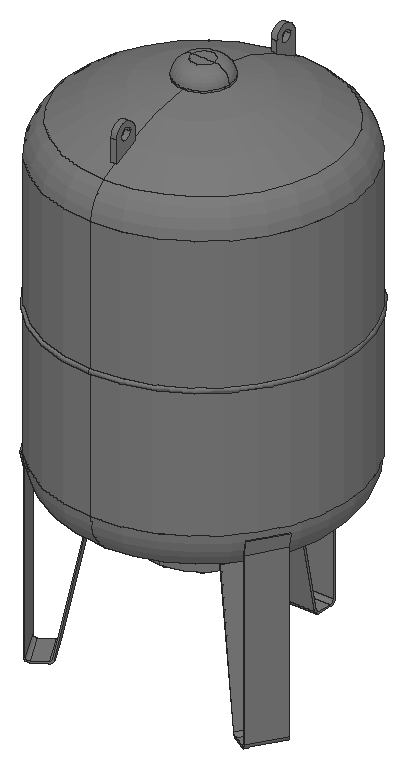
Revit family "MIT-50-ET (Vertical)", category Specialty Equipment, Revit 2022
Family settings
  Round Connector Dimension = Use Diameter
  Part Type = Normal
  Work Plane-Based = No
  Always vertical = Yes
  Cut with Voids When Loaded = No
  Maintain Annotation Orientation = No
  Shared = No
  Room Calculation Point = No
Parameters
  URL = "https://en.ekinendustriyel.com/expansion-tanks"
  Test Pressure = 15.0 bar
  Production Standard = "TS EN 13831"
  Precharge Pressure = 4.0 bar
  Operating Pressure = 10.0 bar
  Model = "MIT-50-ET_(Vertical)"
  Manufacturer = "Ekin Endüstriyel"
  Keynote = "Expension Tank"
  Description = "MIT-Expension Tank"
  Default Elevation = 0 mm
Reference planes
  plane 1 "Center (Front/Back)": y = 0
  plane 2: z = 0
  plane 3 "Center (Left/Right)": x = 0
Forms (mm)
  Revolve 1, solid, material "Ekin Endustriyel-S235JR", detail levels medium+fine
    sketch origin (0, -3850, 0) x (0, 1, 0) y (0, 0, 1)
      loop
        line (3850, 710.016) -> (3850, 708.816) -> (3882.856, 708.816)
        arc (3882.856, 708.816) -> (3953.172, 691.611) -> (4017.445, 658.307) r 304.726
        arc (4017.445, 658.307) -> (4032.24, 640.032) -> (4038.8, 617.453) r 59.499
        line (4038.8, 617.453) -> (4038.8, 261.494)
        arc (4038.8, 261.494) -> (4032.205, 234.922) -> (4013.949, 214.518) r 56.826
        arc (4013.949, 214.518) -> (3968.225, 189.267) -> (3918.616, 172.916) r 280.99
        arc (3918.616, 172.916) -> (3912.099, 168.85) -> (3905.247, 165.378) r 86.505
        line (3905.247, 165.378) -> (3850, 165.378) -> (3850, 164.178) -> (3905.505, 164.178)
        arc (3905.505, 164.178) -> (3912.476, 167.685) -> (3919.107, 171.797) r 87.705
        arc (3919.107, 171.797) -> (3968.809, 188.213) -> (4014.625, 213.526) r 282.19
        arc (4014.625, 213.526) -> (4033.265, 234.361) -> (4040, 261.494) r 58.026
        line (4040, 261.494) -> (4040, 434.497)
        arc (4040, 434.497) -> (4043.004, 437.497) -> (4040, 440.497) r 3
        line (4040, 440.497) -> (4040, 617.503)
        arc (4040, 617.503) -> (4033.302, 640.591) -> (4018.166, 659.267) r 60.699
        arc (4018.166, 659.267) -> (3953.586, 692.738) -> (3882.929, 710.016) r 305.926
        line (3882.929, 710.016) -> (3850, 710.016)
      axis (3850, 164.178) -> (3850, 710.016)
    angle from 0 to 360
  Extrusion 2, solid, material "Ekin Endustriyel-S235JR", detail levels coarse
    sketch origin (1330, -1405, 122.178) x (1, 0, 0) y (0, 1, 0)
      loop
        circle (-1330, 1405) r 73.5
    from 31 to 42.174
  Revolve 3, solid, material "Ekin Endustriyel-S235JR", detail levels fine
    sketch origin (1330, 0, 122.178) x (1, 0, 0) y (0, 0, 1)
      loop
        line (-1345.4, 0) -> (-1345.4, 31) -> (-1350.491, 31)
        arc (-1350.491, 31) -> (-1349.8, 30.575) -> (-1349.649, 29.778) r 1.003
        line (-1349.649, 29.778) -> (-1348.533, 28.872) -> (-1349.76, 27.876) -> (-1348.533, 26.88) -> (-1349.76, 25.883) -> (-1348.533, 24.887) -> (-1349.76, 23.891) -> (-1348.533, 22.895) -> (-1349.76, 21.898) -> (-1348.533, 20.902) -> (-1349.76, 19.906) -> (-1348.533, 18.91) -> (-1349.76, 17.914) -> (-1348.533, 16.917) -> (-1349.76, 15.921) -> (-1348.533, 14.925) -> (-1349.76, 13.929) -> (-1348.533, 12.932) -> (-1349.76, 11.936) -> (-1348.533, 10.94) -> (-1349.76, 9.944) -> (-1348.533, 8.948) -> (-1349.76, 7.951) -> (-1348.533, 6.955) -> (-1349.76, 5.959) -> (-1348.533, 4.963) -> (-1349.76, 3.966) -> (-1348.533, 2.97) -> (-1349.76, 1.974) -> (-1348.533, 0.978) -> (-1349.737, 0) -> (-1345.4, 0)
      axis (-1330, 31) -> (-1330, 0)
    angle from 0 to 360
  Revolve 4, solid, material "Ekin Endustriyel-S235JR", detail levels medium+fine
    sketch origin (730, 0, 368.508) x (1, 0, 0) y (0, 0, 1)
      loop
        line (-765, 343.508) -> (-765, 341.508) -> (-763, 341.508) -> (-763, 343.52)
        arc (-763, 343.52) -> (-757.732, 356.239) -> (-745.013, 361.508) r 17.987
        line (-745.013, 361.508) -> (-730, 361.508) -> (-730, 363.508) -> (-745, 363.508)
        arc (-745, 363.508) -> (-759.142, 357.65) -> (-765, 343.508) r 20
      axis (-730, 341.508) -> (-730, 363.508)
    angle from 0 to 360
  Extrusion 5, solid, material "Ekin Endustriyel-S235JR", detail levels fine
    sketch origin (1330, -1405, 153.178) x (0, 1, 0) y (1, 0, 0)
      loop
        line (1469.567, -1324.064) -> (1462.158, -1323.023) -> (1457.552, -1328.918) -> (1460.355, -1335.855) -> (1467.764, -1336.896) -> (1472.37, -1331.001) -> (1469.567, -1324.064)
      loop
        line (1342.236, -1323.023) -> (1337.63, -1328.918) -> (1340.433, -1335.855) -> (1347.842, -1336.896) -> (1352.448, -1331.001) -> (1349.645, -1324.064) -> (1342.236, -1323.023)
      loop
        line (1442.389, -1382.929) -> (1439.587, -1375.992) -> (1432.178, -1374.951) -> (1427.572, -1380.846) -> (1430.374, -1387.783) -> (1437.783, -1388.824) -> (1442.389, -1382.929)
      loop
        line (1379.626, -1272.136) -> (1372.217, -1271.095) -> (1367.611, -1276.991) -> (1370.413, -1283.927) -> (1377.822, -1284.969) -> (1382.428, -1279.073) -> (1379.626, -1272.136)
      loop
        line (1377.822, -1388.824) -> (1382.428, -1382.929) -> (1379.626, -1375.992) -> (1372.217, -1374.951) -> (1367.611, -1380.846) -> (1370.413, -1387.783) -> (1377.822, -1388.824)
      loop
        line (1442.389, -1279.073) -> (1439.587, -1272.136) -> (1432.178, -1271.095) -> (1427.572, -1276.991) -> (1430.374, -1283.927) -> (1437.783, -1284.969) -> (1442.389, -1279.073)
    from 0 to 5.3
  Extrusion 6, solid, material "Ekin Endustriyel-S235JR", detail levels fine
    sketch origin (1330, -1405, 164.352) x (1, 0, 0) y (0, 1, 0)
      loop
        circle (-1330, 1465) r 4.5
      loop
        circle (-1381.962, 1435) r 4.5
      loop
        circle (-1381.962, 1375) r 4.5
      loop
        circle (-1330, 1345) r 4.5
      loop
        circle (-1278.038, 1375) r 4.5
      loop
        circle (-1278.038, 1435) r 4.5
    from 0 to -11.174
  Extrusion 7, solid, material "Ekin Endustriyel-S235JR", detail levels medium
    sketch origin (1330, -1405.357, 153.178) x (0, 1, 0) y (1, 0, 0)
      loop
        circle (1405.357, -1330) r 19.75
      loop
        circle (1405.357, -1330) r 15.4
    from 31 to 0
  Extrusion 8, solid, material "Ekin Endustriyel-S235JR", detail levels coarse
    sketch origin (1330, -1405.357, 153.178) x (0, 1, 0) y (1, 0, 0)
      loop
        arc (1385.607, -1330) -> (1395.323, -1347.011) -> (1414.911, -1347.286) r 19.75
        arc (1414.911, -1347.286) -> (1415.392, -1312.989) -> (1385.607, -1330) r 19.75
    from 0 to 31
  Extrusion 9, solid, material "Ekin Endustriyel-S235JR", detail levels medium+fine
    sketch origin (1330, -2210, 153.178) x (0, 1, 0) y (1, 0, 0)
      loop
        circle (2210, -1330) r 73.5
      loop
        circle (2150, -1330) r 4.5
      loop
        circle (2180, -1278.038) r 4.5
      loop
        circle (2240, -1278.038) r 4.5
      loop
        circle (2270, -1330) r 4.5
      loop
        circle (2240, -1381.962) r 4.5
      loop
        circle (2180, -1381.962) r 4.5
      loop
        circle (2158.038, -1300) r 4.5
      loop
        circle (2210, -1270) r 4.5
      loop
        circle (2261.962, -1300) r 4.5
      loop
        circle (2261.962, -1360) r 4.5
      loop
        circle (2210, -1390) r 4.5
      loop
        circle (2158.038, -1360) r 4.5
    from 0 to -11.174
  Extrusion 10, solid, material "Ekin Endustriyel-S235JR", detail levels coarse
    sketch origin (2650, -3045, 42.174) x (0, 1, 0) y (-1, 0, 0)
      loop
        circle (3045, 2650) r 193
    from 122.004 to 667.842
  Extrusion 11, solid, material "Ekin Endustriyel-S235JR", detail levels coarse
    sketch origin (730, -765, 710.016) x (0, 1, 0) y (-1, 0, 0)
      loop
        circle (765, 730) r 35
    from 0 to 22.012
  Extrusion 12, solid, material "Ekin Endustriyel-S235JR", detail levels medium+fine
    sketch origin (0, 0, 0) x (0, 1, 0) y (0, 0, 1)
      loop
        line (191.647, 253.369) -> (189.684, 253.751) -> (186.213, 235.893) -> (186.213, 7)
        arc (186.213, 7) -> (184.748, 3.464) -> (181.213, 2) r 5
        line (181.213, 2) -> (161.443, 2)
        arc (161.443, 2) -> (158.296, 3.114) -> (156.552, 5.96) r 5
        line (156.552, 5.96) -> (117.929, 187.661) -> (115.975, 187.246) -> (154.6, 5.523)
        arc (154.6, 5.523) -> (157.033, 1.554) -> (161.421, 0) r 6.973
        line (161.421, 0) -> (181.256, 0)
        arc (181.256, 0) -> (186.175, 2.038) -> (188.213, 6.957) r 6.957
        line (188.213, 6.957) -> (188.213, 235.7) -> (191.647, 253.369)
    from -23.363 to 26.635
  Extrusion 13, solid, material "Ekin Endustriyel-S235JR", detail levels medium+fine
    sketch origin (0, 0, 0) x (-0.866025, -0.5, 0) y (0, 0, 1)
      loop
        line (191.647, 253.369) -> (189.684, 253.751) -> (186.213, 235.893) -> (186.213, 7)
        arc (186.213, 7) -> (184.748, 3.464) -> (181.213, 2) r 5
        line (181.213, 2) -> (161.443, 2)
        arc (161.443, 2) -> (158.296, 3.114) -> (156.552, 5.96) r 5
        line (156.552, 5.96) -> (117.929, 187.661) -> (115.975, 187.246) -> (154.6, 5.523)
        arc (154.6, 5.523) -> (157.033, 1.554) -> (161.421, 0) r 6.973
        line (161.421, 0) -> (181.256, 0)
        arc (181.256, 0) -> (186.175, 2.038) -> (188.213, 6.957) r 6.957
        line (188.213, 6.957) -> (188.213, 235.7) -> (191.647, 253.369)
    from -23.363 to 26.635
  Extrusion 14, solid, material "Ekin Endustriyel-S235JR", detail levels medium+fine
    sketch origin (0, 0, 0) x (0.866025, -0.5, 0) y (0, 0, 1)
      loop
        line (191.647, 253.369) -> (189.684, 253.751) -> (186.213, 235.893) -> (186.213, 7)
        arc (186.213, 7) -> (184.748, 3.464) -> (181.213, 2) r 5
        line (181.213, 2) -> (161.443, 2)
        arc (161.443, 2) -> (158.296, 3.114) -> (156.552, 5.96) r 5
        line (156.552, 5.96) -> (117.929, 187.661) -> (115.975, 187.246) -> (154.6, 5.523)
        arc (154.6, 5.523) -> (157.033, 1.554) -> (161.421, 0) r 6.973
        line (161.421, 0) -> (181.256, 0)
        arc (181.256, 0) -> (186.175, 2.038) -> (188.213, 6.957) r 6.957
        line (188.213, 6.957) -> (188.213, 235.7) -> (191.647, 253.369)
    from -23.363 to 26.635
  Extrusion 15, solid, material "Ekin Endustriyel-S235JR", detail levels coarse
    sketch origin (0, 0, 0) x (0, 1, 0) y (0, 0, 1)
      loop
        line (188.213, 164.178) -> (120.878, 164.178) -> (154.6, 5.523)
        arc (154.6, 5.523) -> (157.033, 1.554) -> (161.421, 0) r 6.973
        line (161.421, 0) -> (181.256, 0)
        arc (181.256, 0) -> (186.175, 2.038) -> (188.213, 6.957) r 6.957
        line (188.213, 6.957) -> (188.213, 164.178)
    from -23.363 to 26.635
  Extrusion 16, solid, material "Ekin Endustriyel-S235JR", detail levels coarse
    sketch origin (0, 0, 0) x (-0.866025, -0.5, 0) y (0, 0, 1)
      loop
        line (188.213, 164.178) -> (120.878, 164.178) -> (154.6, 5.523)
        arc (154.6, 5.523) -> (157.033, 1.554) -> (161.421, 0) r 6.973
        line (161.421, 0) -> (181.256, 0)
        arc (181.256, 0) -> (186.175, 2.038) -> (188.213, 6.957) r 6.957
        line (188.213, 6.957) -> (188.213, 164.178)
    from -23.363 to 26.635
  Extrusion 17, solid, material "Ekin Endustriyel-S235JR", detail levels coarse
    sketch origin (0, 0, 0) x (0.866025, -0.5, 0) y (0, 0, 1)
      loop
        line (188.213, 164.178) -> (120.878, 164.178) -> (154.6, 5.523)
        arc (154.6, 5.523) -> (157.033, 1.554) -> (161.421, 0) r 6.973
        line (161.421, 0) -> (181.256, 0)
        arc (181.256, 0) -> (186.175, 2.038) -> (188.213, 6.957) r 6.957
        line (188.213, 6.957) -> (188.213, 164.178)
    from -23.363 to 26.635
  Extrusion 18, solid, material "Ekin Endustriyel-S235JR", detail levels fine
    sketch origin (0, 0, 0) x (0, 1, 0) y (0, 0, 1)
      loop
        line (150.449, 670.409) -> (150.449, 700.319)
        arc (150.449, 700.319) -> (135.449, 715.319) -> (120.449, 700.319) r 15
        line (120.449, 700.319) -> (120.449, 685.79)
        arc (120.449, 685.79) -> (135.661, 678.513) -> (150.449, 670.409) r 305.88
      loop
        circle (135.527, 700.397) r 8.012
      loop
        arc (-149.511, 670.954) -> (-134.721, 678.993) -> (-119.511, 686.205) r 305.88
        line (-119.511, 686.205) -> (-119.511, 700.319)
        arc (-119.511, 700.319) -> (-134.511, 715.319) -> (-149.511, 700.319) r 15
        line (-149.511, 700.319) -> (-149.511, 670.954)
      loop
        circle (-134.59, 700.397) r 8.012
    from -4.668 to 2.964
Cuts and joins
  joined: Extrusion 5, Extrusion 6
Dimensions and locks
  aligned and locked: level to plane 2
Connectors
  piping at (0, 0, 122.178), diameter 25.4
    settings: on Revolve 3, index 1, connector inside diameter 609.6 mm, connector length 0 mm, flow factor 0, pipe flow 0.0 L/s, pressure drop 0.0 Pa, fitting loss kfactor 0, connector angle 0.00°, fixture units 0, engagement length 0 mm, angle of deflection 0.00°, flow configuration 0, flow direction 0, fitting loss method 0, system type 7, joint type 0, gender type 0, connector reference index -1, connector utility 0, adjustable connector no, is connector primary yes, connector description ""
